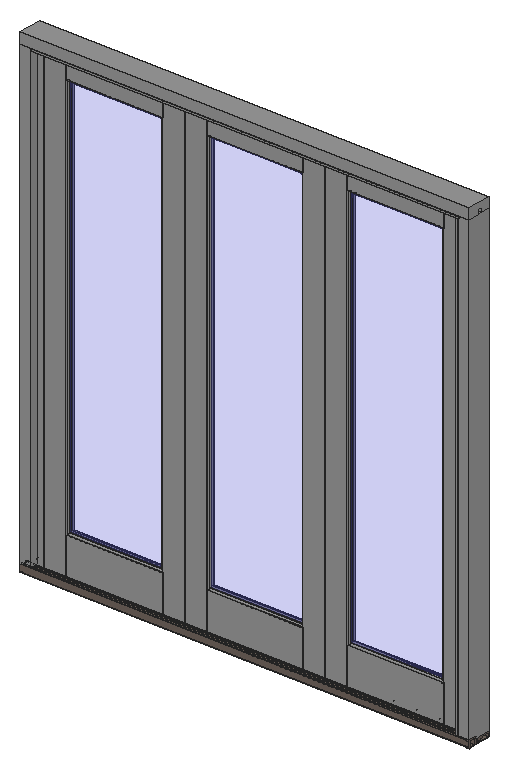
Revit family "VSFA 1950 G1 LH", category Doors, host Wall, Revit 2015
Parameters (values of type "VSFA 1950 G1 LH")
  Function = Interior
  Frame Projection Ext. = 25 mm
  Frame Projection Int. = 25 mm
  Frame Width = 75 mm
  Height = 2100 mm
  Wall Closure = By host
  Width = 1950 mm
Reference planes
  plane 1: y = 0
  plane 2 "Center (Left/Right)": x = 0
  plane 3 "Left": x = -975
  plane 4 "Right": x = 975
  plane 5: z = 2100
  plane 6 "Exterior": y = 75
  plane 7 "Interior": y = -75
Forms (mm)
  Extrusion 1, solid, material "Aluminium Cill (Bronze)"
    sketch origin (0, 79.18, -119.746) x (0, 1, 0) y (0, 0, -1)
      loop
        arc (-26.68, -120.746) -> (-26.972, -120.039) -> (-27.68, -119.746) r 1
        line (-27.68, -119.746) -> (-130.68, -119.746)
        arc (-130.68, -119.746) -> (-131.387, -120.039) -> (-131.68, -120.746) r 1
        line (-131.68, -120.746) -> (-131.68, -150.746)
        arc (-131.68, -150.746) -> (-131.387, -151.453) -> (-130.68, -151.746) r 1
        line (-130.68, -151.746) -> (-120.912, -151.746)
        arc (-120.912, -151.746) -> (-119.18, -150.746) -> (-117.447, -151.746) r 2
        line (-117.447, -151.746) -> (-112.912, -151.746)
        arc (-112.912, -151.746) -> (-111.18, -150.746) -> (-109.447, -151.746) r 2
        line (-109.447, -151.746) -> (-99.68, -151.746)
        arc (-99.68, -151.746) -> (-98.972, -151.453) -> (-98.68, -150.746) r 1
        line (-98.68, -150.746) -> (-98.68, -149.246)
        arc (-98.68, -149.246) -> (-99.18, -148.746) -> (-99.68, -149.246) r 0.5
        line (-99.68, -149.246) -> (-99.68, -150.246) -> (-100.88, -150.246) -> (-100.88, -142.734) -> (-99.68, -142.734) -> (-99.68, -143.746)
        arc (-99.68, -143.746) -> (-99.18, -144.246) -> (-98.68, -143.746) r 0.5
        line (-98.68, -143.746) -> (-98.68, -138.746) -> (-90.432, -138.746) -> (-82.18, -138.746) -> (-82.18, -135.246)
        arc (-82.18, -135.246) -> (-81.74, -134.185) -> (-80.68, -133.746) r 1.5
        line (-80.68, -133.746) -> (-75.93, -133.746) -> (-75.93, -135.746) -> (-77.363, -135.746)
        arc (-77.363, -135.746) -> (-74.68, -138.746) -> (-71.996, -135.746) r 2.7
        line (-71.996, -135.746) -> (-73.43, -135.746) -> (-73.43, -133.746) -> (-68.68, -133.746)
        arc (-68.68, -133.746) -> (-67.619, -134.185) -> (-67.18, -135.246) r 1.5
        line (-67.18, -135.246) -> (-67.18, -138.746) -> (-60.412, -138.746)
        arc (-60.412, -138.746) -> (-58.68, -137.746) -> (-56.947, -138.746) r 2
        line (-56.947, -138.746) -> (-52.412, -138.746)
        arc (-52.412, -138.746) -> (-50.68, -137.746) -> (-48.947, -138.746) r 2
        line (-48.947, -138.746) -> (-44.412, -138.746)
        arc (-44.412, -138.746) -> (-42.68, -137.746) -> (-40.947, -138.746) r 2
        line (-40.947, -138.746) -> (-29.68, -138.746)
        arc (-29.68, -138.746) -> (-27.558, -137.867) -> (-26.68, -135.746) r 3
        line (-26.68, -135.746) -> (-26.68, -120.746)
      loop
        arc (-29.68, -137.246) -> (-28.619, -136.807) -> (-28.18, -135.746) r 1.5
        line (-28.18, -135.746) -> (-28.18, -121.246) -> (-73.93, -121.246) -> (-73.93, -132.246) -> (-68.68, -132.246)
        arc (-68.68, -132.246) -> (-66.558, -133.125) -> (-65.68, -135.246) r 3
        line (-65.68, -135.246) -> (-65.68, -137.246) -> (-61.129, -137.246)
        arc (-61.129, -137.246) -> (-58.68, -136.246) -> (-56.23, -137.246) r 3.5
        line (-56.23, -137.246) -> (-53.129, -137.246)
        arc (-53.129, -137.246) -> (-50.68, -136.246) -> (-48.23, -137.246) r 3.5
        line (-48.23, -137.246) -> (-45.129, -137.246)
        arc (-45.129, -137.246) -> (-42.68, -136.246) -> (-40.23, -137.246) r 3.5
        line (-40.23, -137.246) -> (-29.68, -137.246)
      loop
        line (-75.43, -132.246) -> (-75.43, -121.246) -> (-98.68, -121.246) -> (-98.68, -137.246) -> (-83.68, -137.246) -> (-83.68, -135.246)
        arc (-83.68, -135.246) -> (-82.801, -133.125) -> (-80.68, -132.246) r 3
        line (-80.68, -132.246) -> (-75.43, -132.246)
      loop
        line (-100.18, -121.246) -> (-130.18, -121.246) -> (-130.18, -150.246) -> (-121.629, -150.246)
        arc (-121.629, -150.246) -> (-119.18, -149.246) -> (-116.73, -150.246) r 3.5
        line (-116.73, -150.246) -> (-113.629, -150.246)
        arc (-113.629, -150.246) -> (-111.18, -149.246) -> (-108.73, -150.246) r 3.5
        line (-108.73, -150.246) -> (-102.38, -150.246) -> (-102.38, -141.246) -> (-100.18, -141.246) -> (-100.18, -121.246)
    from -975 to 975
  Extrusion 2, solid, material "Lauan, Meranti"
    sketch origin (0, 0, 0) x (0, 1, 0) y (0, 0, -1)
      loop
        line (52.5, -2100) -> (52.5, -2055) -> (15.5, -2055) -> (15.5, -2075) -> (-6.5, -2075) -> (-6.5, -2055) -> (-52.5, -2055) -> (-52.5, -2100) -> (52.5, -2100)
    from -975 to 975
  Extrusion 3, solid, material "Lauan, Meranti"
    sketch origin (0, 0, 0) x (-1, 0, 0) y (0, -1, 0)
      loop
        line (-975, -52.5) -> (-942, -52.5) -> (-942, -24.5) -> (-930, -24.5) -> (-930, 52.5) -> (-975, 52.5) -> (-975, -52.5)
    from 32 to 2055
  Extrusion 4, solid, material "Lauan, Meranti"
    sketch origin (0, 0, 0) x (-1, 0, 0) y (0, -1, 0)
      loop
        line (-975, -52.5) -> (-942, -52.5) -> (-942, -24.5) -> (-930, -24.5) -> (-930, 19.5) -> (-975, 19.5) -> (-975, -52.5)
    from 19 to 32
  Extrusion 5, solid, material "Lauan, Meranti"
    sketch origin (0, 0, 0) x (0, 1, 0) y (0, 0, -1)
      loop
        line (-52.5, -2052) -> (-49.5, -2052) -> (-49.5, -2055) -> (-20.5, -2055) -> (-20.5, -2048.5) -> (-27.5, -2048.5) -> (-27.5, -2045.5) -> (-20.5, -2045.5) -> (-20.5, -2042) -> (-52.5, -2042) -> (-52.5, -2052)
    from -930 to 930
  Extrusion 6, solid, material "Lauan, Meranti"
    sketch origin (0, 0, 0) x (-1, 0, 0) y (0, -1, 0)
      loop
        line (-927, 52.5) -> (-927, 49.5) -> (-930, 49.5) -> (-930, 20.5) -> (-923.5, 20.5) -> (-923.5, 27.5) -> (-920.5, 27.5) -> (-920.5, 20.5) -> (-917, 20.5) -> (-917, 52.5) -> (-927, 52.5)
    from 32 to 2042
  Extrusion 7, solid, material "Lauan, Meranti"
    sketch origin (0, 0, 0) x (-1, 0, 0) y (0, -1, 0)
      loop
        line (975, 52.5) -> (930, 52.5) -> (930, 16.5) -> (975, 16.5) -> (975, 52.5)
      loop
        line (975, -52.5) -> (975, -25.5) -> (930, -25.5) -> (930, -52.5) -> (975, -52.5)
      loop
        line (900, -24.5) -> (945, -24.5) -> (945, -14.5) -> (920, -14.5) -> (920, 5.5) -> (945, 5.5) -> (945, 15.5) -> (900, 15.5) -> (900, -24.5)
    from 32 to 2055
  Extrusion 8, solid, material "Lauan, Meranti"
    sketch origin (0, 0, 0) x (-1, 0, 0) y (0, -1, 0)
      loop
        line (930, -52.5) -> (975, -52.5) -> (975, -25.5) -> (930, -25.5) -> (930, -52.5)
      loop
        line (945, -24.5) -> (945, -14.5) -> (920, -14.5) -> (920, 5.5) -> (945, 5.5) -> (945, 15.5) -> (900, 15.5) -> (900, -24.5) -> (945, -24.5)
    from 19 to 32
  Extrusion 9, solid, material "Lauan, Meranti"
    sketch origin (-1220, 0, 0) x (-1, 0, 0) y (0, -1, 0)
      loop
        line (-930, 15.5) -> (-930, -24.5) -> (-834, -24.5) -> (-834, 5.5) -> (-825, 5.5) -> (-825, 7.5) -> (-827, 7.5)
        arc (-827, 7.5) -> (-829.265, 11.94) -> (-834, 13.5) r 6.549
        line (-834, 13.5) -> (-834, 15.5) -> (-930, 15.5)
      loop
        line (-320, 15.5) -> (-416, 15.5) -> (-416, 13.5)
        arc (-416, 13.5) -> (-420.735, 11.94) -> (-423, 7.5) r 6.549
        line (-423, 7.5) -> (-425, 7.5) -> (-425, 5.5) -> (-416, 5.5) -> (-416, -24.5) -> (-320, -24.5) -> (-320, 15.5)
    from 19 to 2055
  Extrusion 10, solid, material "Lauan, Meranti"
    sketch origin (-555.235, 0, 0) x (0, 1, 0) y (0, 0, -1)
      loop
        line (-15.5, -190) -> (-13.5, -190)
        arc (-13.5, -190) -> (-11.866, -194.67) -> (-7.5, -197) r 6.807
        line (-7.5, -197) -> (-7.5, -199) -> (-5.5, -199) -> (-5.5, -190) -> (24.5, -190) -> (24.5, -19) -> (-15.5, -19) -> (-15.5, -190)
      loop
        arc (-7.5, -1952) -> (-11.866, -1954.33) -> (-13.5, -1959) r 6.807
        line (-13.5, -1959) -> (-15.5, -1959) -> (-15.5, -2055) -> (24.5, -2055) -> (24.5, -1959) -> (-5.5, -1959) -> (-5.5, -1950) -> (-7.5, -1950) -> (-7.5, -1952)
    from -169.235 to 248.765
  Sweep 11, solid, material "Lauan, Meranti"
    path origin (-262.876, -75, -1252.272) x (-1, 0, 0) y (0, 0, -1)
      loop
        line (123.124, -3211.272) -> (541.124, -3211.272) -> (541.124, -1442.272) -> (123.124, -1442.272) -> (123.124, -3211.272)
    profile origin (-595, -75, 1959) x (0, 0, -1) y (0, -1, 0)
      loop
        line (9, -78) -> (0, -78) -> (0, -86)
        arc (0, -86) -> (4.67, -84.366) -> (7, -80) r 6.807
        line (7, -80) -> (9, -80) -> (9, -78)
  Extrusion 12, solid, material "Glass"
    sketch origin (-531.808, -110.55, -763.769) x (-1, 0, 0) y (0, 0, -1)
      loop
        line (-145.808, -2722.769) -> (272.192, -2722.769) -> (272.192, -953.769) -> (-145.808, -953.769) -> (-145.808, -2722.769)
    from -112.5 to -106.1
  Extrusion 13, solid, material "Lauan, Meranti"
    sketch origin (-610, 0, 0) x (-1, 0, 0) y (0, -1, 0)
      loop
        line (-930, 15.5) -> (-930, -24.5) -> (-834, -24.5) -> (-834, 5.5) -> (-825, 5.5) -> (-825, 7.5) -> (-827, 7.5)
        arc (-827, 7.5) -> (-829.265, 11.94) -> (-834, 13.5) r 6.549
        line (-834, 13.5) -> (-834, 15.5) -> (-930, 15.5)
      loop
        line (-320, 15.5) -> (-416, 15.5) -> (-416, 13.5)
        arc (-416, 13.5) -> (-420.735, 11.94) -> (-423, 7.5) r 6.549
        line (-423, 7.5) -> (-425, 7.5) -> (-425, 5.5) -> (-416, 5.5) -> (-416, -24.5) -> (-320, -24.5) -> (-320, 15.5)
    from 19 to 2055
  Extrusion 14, solid, material "Lauan, Meranti"
    sketch origin (54.765, 0, 0) x (0, 1, 0) y (0, 0, -1)
      loop
        line (-15.5, -190) -> (-13.5, -190)
        arc (-13.5, -190) -> (-11.866, -194.67) -> (-7.5, -197) r 6.807
        line (-7.5, -197) -> (-7.5, -199) -> (-5.5, -199) -> (-5.5, -190) -> (24.5, -190) -> (24.5, -19) -> (-15.5, -19) -> (-15.5, -190)
      loop
        arc (-7.5, -1952) -> (-11.866, -1954.33) -> (-13.5, -1959) r 6.807
        line (-13.5, -1959) -> (-15.5, -1959) -> (-15.5, -2055) -> (24.5, -2055) -> (24.5, -1959) -> (-5.5, -1959) -> (-5.5, -1950) -> (-7.5, -1950) -> (-7.5, -1952)
    from -169.235 to 248.765
  Sweep 15, solid, material "Lauan, Meranti"
    path origin (347.124, -75, -1252.272) x (-1, 0, 0) y (0, 0, -1)
      loop
        line (123.124, -3211.272) -> (541.124, -3211.272) -> (541.124, -1442.272) -> (123.124, -1442.272) -> (123.124, -3211.272)
    profile origin (15, -75, 1959) x (0, 0, -1) y (0, -1, 0)
      loop
        line (9, -78) -> (0, -78) -> (0, -86)
        arc (0, -86) -> (4.67, -84.366) -> (7, -80) r 6.807
        line (7, -80) -> (9, -80) -> (9, -78)
  Extrusion 16, solid, material "Glass"
    sketch origin (78.192, -110.55, -763.769) x (-1, 0, 0) y (0, 0, -1)
      loop
        line (-145.808, -2722.769) -> (272.192, -2722.769) -> (272.192, -953.769) -> (-145.808, -953.769) -> (-145.808, -2722.769)
    from -112.5 to -106.1
  Extrusion 17, solid, material "Lauan, Meranti"
    sketch origin (0, 0, 0) x (-1, 0, 0) y (0, -1, 0)
      loop
        line (-930, 15.5) -> (-930, -24.5) -> (-834, -24.5) -> (-834, 5.5) -> (-825, 5.5) -> (-825, 7.5) -> (-827, 7.5)
        arc (-827, 7.5) -> (-829.265, 11.94) -> (-834, 13.5) r 6.549
        line (-834, 13.5) -> (-834, 15.5) -> (-930, 15.5)
      loop
        line (-320, 15.5) -> (-416, 15.5) -> (-416, 13.5)
        arc (-416, 13.5) -> (-420.735, 11.94) -> (-423, 7.5) r 6.549
        line (-423, 7.5) -> (-425, 7.5) -> (-425, 5.5) -> (-416, 5.5) -> (-416, -24.5) -> (-320, -24.5) -> (-320, 15.5)
    from 19 to 2055
  Extrusion 18, solid, material "Lauan, Meranti"
    sketch origin (664.765, 0, 0) x (0, 1, 0) y (0, 0, -1)
      loop
        line (-15.5, -190) -> (-13.5, -190)
        arc (-13.5, -190) -> (-11.866, -194.67) -> (-7.5, -197) r 6.807
        line (-7.5, -197) -> (-7.5, -199) -> (-5.5, -199) -> (-5.5, -190) -> (24.5, -190) -> (24.5, -19) -> (-15.5, -19) -> (-15.5, -190)
      loop
        arc (-7.5, -1952) -> (-11.866, -1954.33) -> (-13.5, -1959) r 6.807
        line (-13.5, -1959) -> (-15.5, -1959) -> (-15.5, -2055) -> (24.5, -2055) -> (24.5, -1959) -> (-5.5, -1959) -> (-5.5, -1950) -> (-7.5, -1950) -> (-7.5, -1952)
    from -169.235 to 248.765
  Sweep 19, solid, material "Lauan, Meranti"
    path origin (957.124, -75, -1252.272) x (-1, 0, 0) y (0, 0, -1)
      loop
        line (123.124, -3211.272) -> (541.124, -3211.272) -> (541.124, -1442.272) -> (123.124, -1442.272) -> (123.124, -3211.272)
    profile origin (625, -75, 1959) x (0, 0, -1) y (0, -1, 0)
      loop
        line (9, -78) -> (0, -78) -> (0, -86)
        arc (0, -86) -> (4.67, -84.366) -> (7, -80) r 6.807
        line (7, -80) -> (9, -80) -> (9, -78)
  Extrusion 20, solid, material "Glass"
    sketch origin (688.192, -110.55, -763.769) x (-1, 0, 0) y (0, 0, -1)
      loop
        line (-145.808, -2722.769) -> (272.192, -2722.769) -> (272.192, -953.769) -> (-145.808, -953.769) -> (-145.808, -2722.769)
    from -112.5 to -106.1
Cuts and joins
  joined: Extrusion 3, Extrusion 4
  joined: Extrusion 7, Extrusion 8
Lines and regions (mm)
  Opening 1
    outline origin (-5000, 75, 0) x (-1, 0, 0) y (0, 0, 1)
      loop
        line (-5975, 0) -> (-4025, 0) -> (-4025, 2100) -> (-5975, 2100) -> (-5975, 0)
  model lines
    curve 1: line (-450.802, 99.5, 1050) -> (-625.802, 99.5, 1050)
    curve 2: line (-764.879, 99.5, 1050) -> (-625.802, 99.5, 1106.191)
    curve 3: line (-625.802, 99.5, 1106.191) -> (-625.802, 99.5, 993.809)
    curve 4: line (-764.879, 99.5, 1050) -> (-625.802, 99.5, 993.809)
    curve 5: line (159.198, 99.5, 1050) -> (-15.802, 99.5, 1050)
    curve 6: line (-154.879, 99.5, 1050) -> (-15.802, 99.5, 1106.191)
    curve 7: line (-15.802, 99.5, 1106.191) -> (-15.802, 99.5, 993.809)
    curve 8: line (-154.879, 99.5, 1050) -> (-15.802, 99.5, 993.809)
    curve 9: line (769.198, 99.5, 1050) -> (594.198, 99.5, 1050)
    curve 10: line (455.121, 99.5, 1050) -> (594.198, 99.5, 1106.191)
    curve 11: line (594.198, 99.5, 1106.191) -> (594.198, 99.5, 993.809)
    curve 12: line (455.121, 99.5, 1050) -> (594.198, 99.5, 993.809)
    curve 13: line (-900, 24.5, 0) -> (-595, 552.775, 0)
    curve 14: line (-595, 552.775, 0) -> (-560.359, 532.775, 0)
    curve 15: line (-560.359, 532.775, 0) -> (-865.359, 4.5, 0)
    curve 16: line (-865.359, 4.5, 0) -> (-900, 24.5, 0)
    curve 17: line (-220.718, 24.5, 0) -> (-525.718, 552.775, 0)
    curve 18: line (-525.718, 552.775, 0) -> (-560.359, 532.775, 0)
    curve 19: line (-560.359, 532.775, 0) -> (-255.359, 4.5, 0)
    curve 20: line (-255.359, 4.5, 0) -> (-220.718, 24.5, 0)
    curve 21: line (-220.718, 24.5, 0) -> (46.688, 572.764, 0)
    curve 22: line (46.688, 572.764, 0) -> (82.64, 555.23, 0)
    curve 23: line (82.64, 555.23, 0) -> (-184.766, 6.965, 0)
    curve 24: line (-184.766, 6.965, 0) -> (-220.718, 24.5, 0)
Text (mm)
  text "Exterior" at (-2295.016, 1099.543, 0), in view "Ref. Level"
  text "Exterior" at (0, 1615.38, 3698.081), in view "Left"
  text "Exterior" at (0, 1036.032, 3874.932), in view "Right"
Dimensions and locks
  equal spacing: plane 3 "Left", plane 2 "Center (Left/Right)", plane 4 "Right"
  "Width": plane 3 "Left" to plane 4 "Right"
  "Height": plane 5 to host wall
  host wall to plane 5 = 2100 mm  (x2)
  locked: plane 6 "Exterior" to host wall at 0
  locked: plane 7 "Interior" to host wall
  plane 3 "Left" to plane 4 "Right" = 1950 mm
  aligned and locked: plane 1 to host wall
  aligned and locked: Opening 1 sketch curve to level
  aligned and locked: Extrusion 1 to Extrusion 4
  aligned and locked: Extrusion 4 to Extrusion 1
  aligned and locked: Extrusion 1 to Extrusion 3
  aligned and locked: Extrusion 2 to Extrusion 3
  aligned and locked: Extrusion 1 to Extrusion 6
  aligned and locked: Extrusion 5 to Extrusion 6
  aligned and locked: Extrusion 1 to Extrusion 7
  aligned and locked: Extrusion 2 to Extrusion 7
  aligned and locked: Extrusion 7 to Extrusion 5
  aligned and locked: Extrusion 1 to Extrusion 8  (x2)
  aligned and locked: Extrusion 9 to Extrusion 10  (x2)
  aligned and locked: Extrusion 10 to Extrusion 12  (x2)
  aligned and locked: Extrusion 9 to Extrusion 12  (x2)
  aligned and locked: Sweep 11 sketch curve to Extrusion 10  (x2)
  aligned and locked: Extrusion 9 to Sweep 11 sketch curve  (x2)
  aligned and locked: Extrusion 13 to Extrusion 14  (x2)
  aligned and locked: Extrusion 14 to Extrusion 16  (x2)
  aligned and locked: Extrusion 13 to Extrusion 16  (x2)
  aligned and locked: Sweep 15 sketch curve to Extrusion 14  (x2)
  aligned and locked: Extrusion 13 to Sweep 15 sketch curve  (x2)
  aligned and locked: Extrusion 17 to Extrusion 18  (x2)
  aligned and locked: Extrusion 18 to Extrusion 20  (x2)
  aligned and locked: Extrusion 17 to Extrusion 20  (x2)
  aligned and locked: Sweep 19 sketch curve to Extrusion 18  (x2)
  aligned and locked: Extrusion 17 to Sweep 19 sketch curve  (x2)
Automatic sketch dimensions
  curve 2 to plane 3 "Left" = 210.121 mm
  curve 2 to curve 2 = 139.078 mm
  curve 6 to plane 2 "Center (Left/Right)" = 154.879 mm
  curve 6 to plane 2 "Center (Left/Right)" = 15.802 mm
  plane 2 "Center (Left/Right)" to curve 10 = 455.121 mm
  curve 10 to curve 10 = 139.078 mm
  level to curve 12 = 993.809 mm
  curve 7 to curve 11 = 0 mm
  curve 4 to curve 7 = 0 mm
  curve 3 to curve 4 = 56.191 mm
  curve 11 to curve 12 = 56.191 mm
  curve 7 to curve 6 = 56.191 mm
  curve 11 to curve 10 = 112.382 mm
  curve 3 to curve 3 = 112.382 mm
  curve 7 to curve 7 = 112.382 mm
  curve 1 to curve 1 = 175 mm
  plane 2 "Center (Left/Right)" to curve 5 = 159.198 mm
  curve 9 to curve 9 = 175 mm
  curve 7 to curve 5 = 56.191 mm
  curve 3 to curve 1 = 56.191 mm
  curve 11 to curve 9 = 56.191 mm
  curve 16 to host wall = 24.5 mm
  curve 16 to plane 3 "Left" = 75 mm
  curve 16 to host wall = 4.5 mm
  curve 13 to curve 16 = 34.641 mm
  curve 14 to plane 3 "Left" = 380 mm
  curve 14 to curve 17 = 34.641 mm
  curve 19 to host wall = 4.5 mm
  curve 19 to plane 2 "Center (Left/Right)" = 255.359 mm
  curve 24 to host wall = 6.965 mm
  curve 17 to curve 24 = 35.952 mm
  plane 2 "Center (Left/Right)" to curve 21 = 46.688 mm
  plane 4 "Right" to Opening 1 sketch curve = 0 mm
  plane 3 "Left" to Opening 1 sketch curve = 0 mm
  Opening 1 sketch curve to plane 5 = 0 mm
  Extrusion 1 sketch curve to level = 0 mm
  level to Extrusion 1 sketch curve = 1 mm
  Extrusion 1 sketch curve to host wall = 22.5 mm
  Extrusion 1 sketch curve to Extrusion 1 sketch curve = 1 mm  (x7)
  Extrusion 1 sketch curve to Extrusion 1 sketch curve = 0.5 mm  (x8)
  Extrusion 1 sketch curve to Extrusion 1 sketch curve = 8.551 mm
  Extrusion 1 sketch curve to Extrusion 1 sketch curve = 0.717 mm  (x10)
  Extrusion 1 sketch curve to Extrusion 1 sketch curve = 1.732 mm  (x10)
  Extrusion 1 sketch curve to Extrusion 1 sketch curve = 0 mm  (x24)
  Extrusion 1 sketch curve to Extrusion 1 sketch curve = 3.101 mm  (x3)
  Extrusion 1 sketch curve to Extrusion 1 sketch curve = 6.351 mm
  Extrusion 1 sketch curve to Extrusion 1 sketch curve = 1.5 mm  (x15)
  Extrusion 1 sketch curve to Extrusion 1 sketch curve = 0.7 mm
  level to Extrusion 1 sketch curve = 1.5 mm  (x3)
  Extrusion 1 sketch curve to Extrusion 1 sketch curve = 1.2 mm  (x2)
  Extrusion 1 sketch curve to Extrusion 1 sketch curve = 8.248 mm
  host wall to Extrusion 1 sketch curve = 4.5 mm
  host wall to Extrusion 1 sketch curve = 1.5 mm  (x2)
  Extrusion 1 sketch curve to host wall = 1.817 mm
  Extrusion 1 sketch curve to Extrusion 1 sketch curve = 1.433 mm  (x3)
  Extrusion 1 sketch curve to host wall = 3.75 mm
  Extrusion 1 sketch curve to Extrusion 1 sketch curve = 1.25 mm  (x2)
  Extrusion 1 sketch curve to Extrusion 1 sketch curve = 3.317 mm
  Extrusion 1 sketch curve to Extrusion 1 sketch curve = 4.551 mm
  Extrusion 1 sketch curve to Extrusion 1 sketch curve = 10.551 mm
  Extrusion 1 sketch curve to Extrusion 1 sketch curve = 11 mm
  Extrusion 1 sketch curve to Extrusion 1 sketch curve = 14.5 mm
  Extrusion 1 sketch curve to Extrusion 1 sketch curve = 2 mm  (x5)
  Extrusion 1 sketch curve to Extrusion 1 sketch curve = 0.3 mm
  Extrusion 1 sketch curve to Extrusion 1 sketch curve = 2.5 mm
  Extrusion 1 sketch curve to Extrusion 1 sketch curve = 1.488 mm
  Extrusion 1 sketch curve to Extrusion 1 sketch curve = 1.012 mm
  Extrusion 1 sketch curve to Extrusion 1 sketch curve = 5.5 mm
  Extrusion 1 sketch curve to Extrusion 1 sketch curve = 9 mm
  plane 5 to Extrusion 2 sketch curve = 0 mm
  Extrusion 2 sketch curve to host wall = 22.5 mm  (x2)
  host wall to Extrusion 2 sketch curve = 6.5 mm
  Extrusion 2 sketch curve to host wall = 15.5 mm
  plane 5 to Extrusion 2 sketch curve = 25 mm
  plane 5 to Extrusion 2 sketch curve = 45 mm
  Extrusion 2 sketch curve to Extrusion 2 sketch curve = 20 mm
  Extrusion 3 sketch curve to plane 4 "Right" = 0 mm
  Extrusion 3 sketch curve to plane 4 "Right" = 33 mm
  host wall to Extrusion 3 sketch curve = 22.5 mm  (x2)
  Extrusion 3 sketch curve to Extrusion 3 sketch curve = 45 mm
  host wall to Extrusion 3 sketch curve = 24.5 mm
  Extrusion 4 sketch curve to plane 4 "Right" = 0 mm
  Extrusion 4 sketch curve to Extrusion 4 sketch curve = 33 mm
  Extrusion 4 sketch curve to host wall = 19.5 mm
  Extrusion 4 sketch curve to Extrusion 4 sketch curve = 45 mm
  host wall to Extrusion 4 sketch curve = 24.5 mm
  host wall to Extrusion 4 sketch curve = 22.5 mm
  Extrusion 5 sketch curve to host wall = 22.5 mm
  Extrusion 5 sketch curve to Extrusion 5 sketch curve = 3 mm  (x3)
  Extrusion 5 sketch curve to Extrusion 5 sketch curve = 22 mm
  Extrusion 5 sketch curve to Extrusion 5 sketch curve = 7 mm
  Extrusion 5 sketch curve to Extrusion 5 sketch curve = 0 mm
  plane 5 to Extrusion 5 sketch curve = 45 mm
  Extrusion 5 sketch curve to Extrusion 5 sketch curve = 6.5 mm
  Extrusion 5 sketch curve to Extrusion 5 sketch curve = 10 mm
  Extrusion 6 sketch curve to plane 4 "Right" = 45 mm
  Extrusion 6 sketch curve to Extrusion 6 sketch curve = 3 mm  (x3)
  Extrusion 6 sketch curve to Extrusion 6 sketch curve = 6.5 mm
  Extrusion 6 sketch curve to Extrusion 6 sketch curve = 10 mm
  host wall to Extrusion 6 sketch curve = 22.5 mm
  Extrusion 6 sketch curve to Extrusion 6 sketch curve = 22 mm
  Extrusion 6 sketch curve to Extrusion 6 sketch curve = 7 mm
  Extrusion 6 sketch curve to Extrusion 6 sketch curve = 0 mm
  Extrusion 7 sketch curve to plane 3 "Left" = 0 mm  (x2)
  plane 3 "Left" to Extrusion 7 sketch curve = 30 mm
  Extrusion 7 sketch curve to Extrusion 7 sketch curve = 0 mm
  Extrusion 7 sketch curve to Extrusion 7 sketch curve = 15 mm  (x2)
  Extrusion 7 sketch curve to Extrusion 7 sketch curve = 10 mm  (x2)
  Extrusion 7 sketch curve to Extrusion 7 sketch curve = 20 mm
  host wall to Extrusion 7 sketch curve = 22.5 mm  (x2)
  Extrusion 7 sketch curve to host wall = 16.5 mm
  Extrusion 7 sketch curve to Extrusion 7 sketch curve = 1 mm
  Extrusion 7 sketch curve to host wall = 5.5 mm
  host wall to Extrusion 7 sketch curve = 14.5 mm
  Extrusion 7 sketch curve to Extrusion 7 sketch curve = 11 mm
  Extrusion 8 sketch curve to plane 3 "Left" = 0 mm
  plane 3 "Left" to Extrusion 8 sketch curve = 30 mm
  Extrusion 8 sketch curve to Extrusion 8 sketch curve = 0 mm
  Extrusion 8 sketch curve to Extrusion 8 sketch curve = 15 mm
  Extrusion 8 sketch curve to host wall = 5.5 mm
  Extrusion 8 sketch curve to Extrusion 8 sketch curve = 25 mm
  Extrusion 8 sketch curve to Extrusion 8 sketch curve = 20 mm
  Extrusion 8 sketch curve to Extrusion 8 sketch curve = 10 mm  (x2)
  host wall to Extrusion 8 sketch curve = 14.5 mm
  host wall to Extrusion 8 sketch curve = 25.5 mm
  host wall to Extrusion 8 sketch curve = 22.5 mm
  host wall to Extrusion 9 sketch curve = 24.5 mm  (x2)
  plane 2 "Center (Left/Right)" to Extrusion 9 sketch curve = 290 mm
  Extrusion 9 sketch curve to host wall = 13.5 mm
  Extrusion 9 sketch curve to Extrusion 9 sketch curve = 96 mm
  Extrusion 9 sketch curve to Extrusion 9 sketch curve = 0 mm
  Extrusion 9 sketch curve to Extrusion 9 sketch curve = 0.473 mm  (x3)
  Extrusion 9 sketch curve to Extrusion 9 sketch curve = 6.527 mm  (x2)
  Extrusion 9 sketch curve to Extrusion 9 sketch curve = 2 mm  (x4)
  Extrusion 9 sketch curve to host wall = 5.5 mm
  plane 3 "Left" to Extrusion 9 sketch curve = 180 mm
  plane 3 "Left" to Extrusion 9 sketch curve = 75 mm
  Extrusion 9 sketch curve to host wall = 15.5 mm  (x2)
  Extrusion 9 sketch curve to host wall = 7.5 mm
  Extrusion 9 sketch curve to Extrusion 9 sketch curve = 1.468 mm
  host wall to Extrusion 10 sketch curve = 15.5 mm  (x2)
  Extrusion 10 sketch curve to Extrusion 10 sketch curve = 2 mm  (x6)
  host wall to Extrusion 10 sketch curve = 7.5 mm  (x2)
  host wall to Extrusion 10 sketch curve = 6.697 mm  (x2)
  Extrusion 10 sketch curve to host wall = 24.5 mm  (x2)
  plane 5 to Extrusion 10 sketch curve = 45 mm
  Extrusion 10 sketch curve to Extrusion 10 sketch curve = 96 mm
  Extrusion 10 sketch curve to Extrusion 10 sketch curve = 0 mm
  Extrusion 10 sketch curve to Extrusion 10 sketch curve = 0.241 mm  (x2)
  level to Extrusion 10 sketch curve = 199 mm
  Extrusion 10 sketch curve to Extrusion 10 sketch curve = 6.759 mm
  level to Extrusion 10 sketch curve = 19 mm
  Sweep 11 sketch curve to profile plane = 0 mm
  Sweep 11 sketch curve to profile plane = 0.241 mm
  Sweep 11 sketch curve to Sweep 11 sketch curve = 6.759 mm
  Sweep 11 sketch curve to Sweep 11 sketch curve = 2 mm  (x2)
  Sweep 11 sketch curve to profile plane = 86 mm
  Sweep 11 sketch curve to Sweep 11 sketch curve = 6 mm
  level to Extrusion 12 sketch curve = 190 mm
  Extrusion 12 sketch curve to plane 2 "Center (Left/Right)" = 386 mm
  Extrusion 12 sketch curve to plane 3 "Left" = 171 mm
  plane 5 to Extrusion 12 sketch curve = 141 mm
  host wall to Extrusion 13 sketch curve = 24.5 mm  (x2)
  Extrusion 13 sketch curve to plane 2 "Center (Left/Right)" = 320 mm
  Extrusion 13 sketch curve to host wall = 13.5 mm
  Extrusion 13 sketch curve to Extrusion 13 sketch curve = 96 mm  (x2)
  Extrusion 13 sketch curve to Extrusion 13 sketch curve = 0 mm
  Extrusion 13 sketch curve to Extrusion 13 sketch curve = 0.473 mm  (x3)
  Extrusion 13 sketch curve to Extrusion 13 sketch curve = 6.527 mm  (x2)
  Extrusion 13 sketch curve to Extrusion 13 sketch curve = 2 mm  (x4)
  Extrusion 13 sketch curve to host wall = 5.5 mm
  plane 2 "Center (Left/Right)" to Extrusion 13 sketch curve = 185 mm
  Extrusion 13 sketch curve to host wall = 15.5 mm  (x2)
  Extrusion 13 sketch curve to host wall = 7.5 mm
  Extrusion 13 sketch curve to Extrusion 13 sketch curve = 1.468 mm
  host wall to Extrusion 14 sketch curve = 15.5 mm  (x2)
  Extrusion 14 sketch curve to Extrusion 14 sketch curve = 2 mm  (x6)
  host wall to Extrusion 14 sketch curve = 7.5 mm  (x2)
  host wall to Extrusion 14 sketch curve = 6.697 mm  (x2)
  Extrusion 14 sketch curve to host wall = 24.5 mm  (x2)
  plane 5 to Extrusion 14 sketch curve = 45 mm
  Extrusion 14 sketch curve to Extrusion 14 sketch curve = 96 mm
  Extrusion 14 sketch curve to Extrusion 14 sketch curve = 0 mm
  Extrusion 14 sketch curve to Extrusion 14 sketch curve = 0.241 mm  (x2)
  level to Extrusion 14 sketch curve = 199 mm
  Extrusion 14 sketch curve to Extrusion 14 sketch curve = 6.759 mm
  level to Extrusion 14 sketch curve = 19 mm
  Sweep 15 sketch curve to profile plane = 0 mm
  Sweep 15 sketch curve to profile plane = 0.241 mm
  Sweep 15 sketch curve to Sweep 15 sketch curve = 6.759 mm
  Sweep 15 sketch curve to Sweep 15 sketch curve = 2 mm  (x2)
  Sweep 15 sketch curve to profile plane = 86 mm
  Sweep 15 sketch curve to Sweep 15 sketch curve = 6 mm
  plane 2 "Center (Left/Right)" to Extrusion 16 sketch curve = 224 mm
  Extrusion 16 sketch curve to plane 2 "Center (Left/Right)" = 194 mm
  plane 5 to Extrusion 16 sketch curve = 141 mm
  level to Extrusion 16 sketch curve = 190 mm
  Extrusion 17 sketch curve to plane 4 "Right" = 45 mm
  Extrusion 17 sketch curve to host wall = 13.5 mm
  Extrusion 17 sketch curve to Extrusion 17 sketch curve = 96 mm  (x2)
  Extrusion 17 sketch curve to Extrusion 17 sketch curve = 0 mm
  Extrusion 17 sketch curve to Extrusion 17 sketch curve = 0.473 mm  (x3)
  Extrusion 17 sketch curve to Extrusion 17 sketch curve = 6.527 mm  (x2)
  Extrusion 17 sketch curve to Extrusion 17 sketch curve = 2 mm  (x4)
  Extrusion 17 sketch curve to host wall = 5.5 mm
  Extrusion 17 sketch curve to Extrusion 17 sketch curve = 400 mm
  host wall to Extrusion 17 sketch curve = 24.5 mm  (x2)
  Extrusion 17 sketch curve to host wall = 15.5 mm  (x2)
  Extrusion 17 sketch curve to host wall = 7.5 mm
  Extrusion 17 sketch curve to Extrusion 17 sketch curve = 1.468 mm
  host wall to Extrusion 18 sketch curve = 15.5 mm  (x2)
  Extrusion 18 sketch curve to Extrusion 18 sketch curve = 2 mm  (x6)
  host wall to Extrusion 18 sketch curve = 7.5 mm  (x2)
  host wall to Extrusion 18 sketch curve = 6.697 mm  (x2)
  Extrusion 18 sketch curve to host wall = 24.5 mm  (x2)
  plane 5 to Extrusion 18 sketch curve = 45 mm
  Extrusion 18 sketch curve to Extrusion 18 sketch curve = 96 mm
  Extrusion 18 sketch curve to Extrusion 18 sketch curve = 0 mm
  Extrusion 18 sketch curve to Extrusion 18 sketch curve = 0.241 mm  (x2)
  level to Extrusion 18 sketch curve = 199 mm
  Extrusion 18 sketch curve to Extrusion 18 sketch curve = 6.759 mm
  level to Extrusion 18 sketch curve = 19 mm
  Sweep 19 sketch curve to profile plane = 0 mm
  Sweep 19 sketch curve to profile plane = 0.241 mm
  Sweep 19 sketch curve to Sweep 19 sketch curve = 6.759 mm
  Sweep 19 sketch curve to Sweep 19 sketch curve = 2 mm  (x2)
  Sweep 19 sketch curve to profile plane = 86 mm
  Sweep 19 sketch curve to Sweep 19 sketch curve = 6 mm
  plane 4 "Right" to Extrusion 20 sketch curve = 141 mm
  level to Extrusion 20 sketch curve = 190 mm
  plane 2 "Center (Left/Right)" to Extrusion 20 sketch curve = 416 mm
  plane 5 to Extrusion 20 sketch curve = 141 mm
